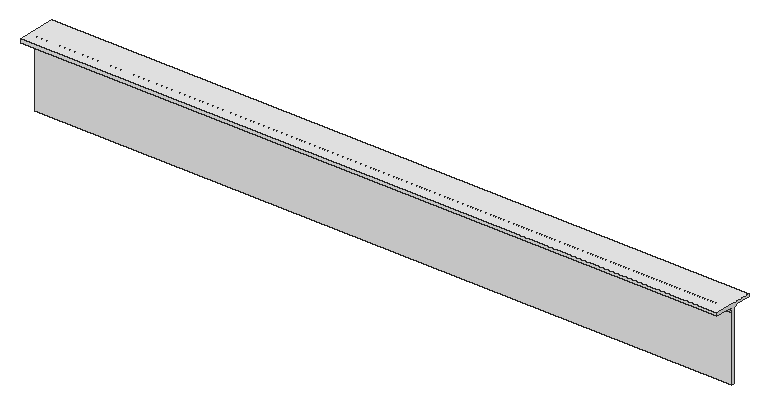
Revit family "M_MT Formas", category Quadro estrutural, Revit 2019
Family settings
  Arredondamento do comprimento do framing estrutural = 0.10 mm
  Forma do corte = Flange paralelo dividido em I
  Material para o comportamento do modelo = Aço
  Exportar sempre como geometria = Não
  Family Name Key = M_MT Shapes
  Nome do código = AISC 14.1
  Número OmniClass = 23.25.30.11.14.14
  Título OmniClass = Beams
  ID de item do Seek = MT-Shapes-0000-CAN-ENU
  Sempre na vertical = Sim
  Corte com vazios quando carregada = Não
  Representação simbólica = Das configurações de projeto
  Compartilhado = Não
  Exibir o pré-corte da família na vista da planta = Sim
Parameters (values of type "MT125X6.7")
  Largura = 68.30 mm
  Espessura da teia = 3.99 mm
  Concordância da teia = 9.07 mm
  Constante da empena = 3710000.0 mm6
  Momento de inércia de torção = 6490.00 mm4
  Structural Material [instance] = Aço, 45-345
  Section Name Key = ""
  Área de corte = 858.0 mm²
  Eixo fraco do módulo plástico = 6600.0 mm³
  Eixo forte do módulo plástico = 29700.0 mm³
  Peso nominal = 6.70 kgf/m
  Eixo fraco do momento de inércia = 140000.00 mm4
  Eixo forte do momento de inércia = 1440000.00 mm4
  Altura = 127.00 mm
  Espessura do flange = 5.23 mm
  Eixo fraco do módulo de elasticidade = 4100.0 mm³
  Eixo forte do módulo de elasticidade = 16400.0 mm³
  Centróide vertical = 87.90 mm
  Centróide horizontal = Largura / 2  # 34.15 mm
  Bolt Spacing = 0 mm
  Assembly Code = ""
  Length [instance] = 1500.00 mm
Types (2, lengths in mm): name | Largura | Espessura da teia | Concordância da teia | Constante da empena | Momento de inércia de torção | Área de corte | Eixo fraco do módulo plástico | Eixo forte do módulo plástico | Peso nominal | Eixo fraco do momento de inércia | Eixo forte do momento de inércia | Altura | Espessura do flange | Eixo fraco do módulo de elasticidade | Eixo forte do módulo de elasticidade | Centróide vertical | Centróide horizontal
  MT125X6.7 | 68.30 | 3.99 | 9.07 | 3710000.0 mm6 | 6490.00 mm4 | 858.0 mm² | 6600.0 mm³ | 29700.0 mm³ | 6.70 kgf/m | 140000.00 mm4 | 1440000.00 mm4 | 127.00 | 5.23 | 4100.0 mm³ | 16400.0 mm³ | 87.90 | 34.15
  MT155X8.8 | 78.00 | 4.50 | 8.58 | 9050000.0 mm6 | 10400.00 mm4 | 1120.0 mm² | 9420.0 mm³ | 47400.0 mm³ | 8.80 kgf/m | 226000.00 mm4 | 2750000.00 mm4 | 152.00 | 5.72 | 5800.0 mm³ | 26400.0 mm³ | 104.00 | 39.00
Reference planes
  plane 1 "Centro (Frente/Trás)": y = 0
  plane 2: z = 0
  plane 3 "Centro (Esquerda/Direita)": x = 4.61
  plane 4 "Membro esquerdo": x = -604.99
  plane 5 "Membro direito": x = 614.21
  plane 6: y = 34.15
  plane 7: y = -34.15
  plane 8 "Esquerda": x = -757.39
  plane 9 "Direita": x = 742.61
  plane 10: z = 39.1
  plane 11: z = -87.9
Forms (mm)
  Sweep 1, solid, material "Aço, 45-345" <- "Structural Material", detail levels medium
    path origin (0, 0, 0) x (1, 0, 0) y (0, 1, 0)
      loop
        line (614.21, 0) -> (-604.99, 0)
    profile "M_T estrutural-Perfil-Médio : M_T estrutural-Perfil-Médio" origin (4.61, 0, 0) x (0, -1, 0) y (0, 0, 1)
      loop
        line (-34.15, 39.1) -> (-34.15, 33.87) -> (-1.995, 33.87) -> (-1.995, -87.9) -> (1.995, -87.9) -> (1.995, 33.87) -> (34.15, 33.87) -> (34.15, 39.1) -> (-34.15, 39.1)
  Sweep 2, solid, material "Aço, 45-345" <- "Structural Material", detail levels fine
    path origin (0, 0, 0) x (1, 0, 0) y (0, 1, 0)
      loop
        line (614.21, 0) -> (-604.99, 0)
    profile "M_T estrutural-Perfil-Alto : M_T estrutural-Perfil-Alto" origin (4.61, 0, 0) x (0, -1, 0) y (0, 0, 1)
      loop
        line (-34.15, 39.1) -> (-34.15, 33.87) -> (-11.065, 33.87)
        arc (-11.065, 33.87) -> (-4.652, 31.213) -> (-1.995, 24.8) r 9.07
        line (-1.995, 24.8) -> (-1.995, -87.9) -> (1.995, -87.9) -> (1.995, 24.8)
        arc (1.995, 24.8) -> (4.652, 31.213) -> (11.065, 33.87) r 9.07
        line (11.065, 33.87) -> (34.15, 33.87) -> (34.15, 39.1) -> (-34.15, 39.1)
Lines and regions (mm)
  symbolic lines, style "Faces ocultas", detail levels medium+fine
    curve 1: line (614.21, -1.995, 0) -> (-604.99, -1.995, 0)
    curve 2: line (614.21, 1.995, 0) -> (-604.99, 1.995, 0)
  symbolic lines, style "Símbolos de vara", detail levels coarse
    curve 3: line (4.61, 34.15, 39.1) -> (4.61, -34.15, 39.1)
    curve 4: line (4.61, 0, 39.1) -> (4.61, 0, -87.9)
Dimensions and locks
  "Largura": plane 6 to plane 7
  equal spacing: plane 6, plane 1 "Centro (Frente/Trás)", plane 7
  "Length": plane 8 "Esquerda" to plane 9 "Direita"
  "Altura": plane 10 to plane 11
  "Centróide vertical": level to plane 11
  equal spacing: curve 2, plane 1 "Centro (Frente/Trás)", curve 1
  "Espessura da teia": curve 2 to curve 1
  aligned and locked: Sweep 1 sketch curve to plane 1 "Centro (Frente/Trás)"
  aligned and locked: Sweep 2 sketch curve to plane 1 "Centro (Frente/Trás)"
  aligned and locked: Sweep 2 to curve 3  (x2)
  aligned and locked: curve 4 to Sweep 1
  aligned and locked: curve 3 to Sweep 2
  aligned and locked: plane 4 "Membro esquerdo" to Sweep 2 sketch curve
  aligned and locked: plane 5 "Membro direito" to Sweep 2 sketch curve
  aligned and locked: plane 4 "Membro esquerdo" to Sweep 1 sketch curve
  aligned and locked: plane 5 "Membro direito" to Sweep 1 sketch curve
  aligned and locked: plane 4 "Membro esquerdo" to curve 2
  aligned and locked: plane 4 "Membro esquerdo" to curve 1
  aligned and locked: plane 5 "Membro direito" to curve 1
  aligned and locked: plane 5 "Membro direito" to curve 2
  aligned and locked: curve 4 to plane 1 "Centro (Frente/Trás)"
  aligned and locked: plane 10 to curve 4
Types in the file's own list only (12): name | Largura | Espessura da teia | Concordância da teia | Constante da empena | Momento de inércia de torção | Chave do nome do corte | Área de corte | Eixo fraco do módulo plástico | Eixo forte do módulo plástico | Peso nominal | Eixo fraco do momento de inércia | Eixo forte do momento de inércia | Altura | Espessura do flange | Eixo fraco do módulo de elasticidade | Eixo forte do módulo de elasticidade | Centróide vertical | Centróide horizontal | Espaçamento do parafuso
  MT159X9.70 | 95.30 mm | 3.94 mm | 8.51 mm | 7630000.0 mm6 | 10200.00 mm4 | MT 6.25X6.2 | 1170.0 mm² | 13700.0 mm³ | 47900.0 mm³ | 9.70 kgf/m | 416000.00 mm4 | 3030000.00 mm4 | 159.00 mm | 5.79 mm | 8780.0 mm³ | 26400.0 mm³ | 114.80 mm | 47.65 mm | 0.0 mm
  MT159X8.65 | 88.90 mm | 3.94 mm | 8.94 mm | 7200000.0 mm6 | 8570.00 mm4 | MT 6.25X5.8 | 1100.0 mm² | 11200.0 mm³ | 46900.0 mm³ | 8.65 kgf/m | 315000.00 mm4 | 2890000.00 mm4 | 159.00 mm | 5.36 mm | 7080.0 mm³ | 25700.0 mm³ | 112.30 mm | 44.45 mm | 0.0 mm
  MT155X8.05 | 78.00 mm | 4.06 mm | 8.97 mm | 6710000.0 mm6 | 8160.00 mm4 | MT 6X5.4 | 1030.0 mm² | 8720.0 mm³ | 43100.0 mm³ | 8.05 kgf/m | 211000.00 mm4 | 2510000.00 mm4 | 152.00 mm | 5.33 mm | 5410.0 mm³ | 23900.0 mm³ | 104.80 mm | 39.00 mm | 0.0 mm
  MT155X7.45 | 82.60 mm | 3.78 mm | 8.13 mm | 5420000.0 mm6 | 6040.00 mm4 | MT 6X5 | 955.0 mm² | 8340.0 mm³ | 40100.0 mm³ | 7.45 kgf/m | 215000.00 mm4 | 2340000.00 mm4 | 152.00 mm | 4.57 mm | 5210.0 mm³ | 22300.0 mm³ | 104.80 mm | 41.30 mm | 0.0 mm
  MT125X5.95 | 68.30 mm | 3.58 mm | 9.68 mm | 2660000.0 mm6 | 4660.00 mm4 | MT 5X4 | 768.0 mm² | 5800.0 mm³ | 26400.0 mm³ | 5.95 kgf/m | 123000.00 mm4 | 1280000.00 mm4 | 126.00 mm | 4.62 mm | 3610.0 mm³ | 14700.0 mm³ | 87.40 mm | 34.15 mm | 0.0 mm
  MT125X5.6 | 68.30 mm | 3.30 mm | 6.71 mm | 2130000.0 mm6 | 3880.00 mm4 | MT 5X3.75 | 716.0 mm² | 5470.0 mm³ | 24700.0 mm³ | 5.60 kgf/m | 117000.00 mm4 | 1210000.00 mm4 | 127.00 mm | 4.39 mm | 3420.0 mm³ | 13700.0 mm³ | 88.60 mm | 34.15 mm | 0.0 mm
  MT100X4.85 | 57.90 mm | 3.43 mm | 9.50 mm | 1240000.0 mm6 | 3820.00 mm4 | MT 4X3.25 | 619.0 mm² | 4330.0 mm³ | 16600.0 mm³ | 4.85 kgf/m | 78300.00 mm4 | 653000.00 mm4 | 102.00 mm | 4.80 mm | 2700.0 mm³ | 9140.0 mm³ | 72.00 mm | 28.95 mm | 0.0 mm
  MT100X4.6 | 57.90 mm | 3.28 mm | 6.60 mm | 1080000.0 mm6 | 3240.00 mm4 | MT 4X3.1 | 588.0 mm² | 4050.0 mm³ | 15800.0 mm³ | 4.60 kgf/m | 73300.00 mm4 | 624000.00 mm4 | 102.00 mm | 4.50 mm | 2520.0 mm³ | 8730.0 mm³ | 72.00 mm | 28.95 mm | 0.0 mm
  MT75X3.3 | 46.70 mm | 2.90 mm | 5.19 mm | 333000.0 mm6 | 2060.00 mm4 | MT 3X2.2 | 417.0 mm² | 2540.0 mm³ | 7910.0 mm³ | 3.30 kgf/m | 37300.00 mm4 | 241000.00 mm4 | 76.20 mm | 4.34 mm | 1590.0 mm³ | 4390.0 mm³ | 54.80 mm | 23.35 mm | 0.0 mm
  MT75X2.75 | 50.80 mm | 2.49 mm | 4.67 mm | 202000.0 mm6 | 1100.00 mm4 | MT 3X1.85 | 352.0 mm² | 2230.0 mm³ | 6700.0 mm³ | 2.75 kgf/m | 35900.00 mm4 | 201000.00 mm4 | 75.20 mm | 3.28 mm | 1410.0 mm³ | 3700.0 mm³ | 54.20 mm | 25.40 mm | 0.0 mm
  MT65X14.05 | 127.00 mm | 8.03 mm | 10.10 mm | 19700000.0 mm6 | 64900.00 mm4 | MT 2.5X9.45 | 1790.0 mm² | 43600.0 mm³ | 16900.0 mm³ | 14.10 kgf/m | 1810000.00 mm4 | 437000.00 mm4 | 63.50 mm | 10.60 mm | 28500.0 mm³ | 8650.0 mm³ | 50.50 mm | 63.50 mm | 69.9 mm
  MT50X4.45 | 96.50 mm | 3.30 mm | 8.64 mm | 518000.0 mm6 | 3830.00 mm4 | MT 2X3 | 565.0 mm² | 9640.0 mm³ | 3950.0 mm³ | 4.45 kgf/m | 305000.00 mm4 | 86600.00 mm4 | 48.30 mm | 4.06 mm | 6310.0 mm³ | 2180.0 mm³ | 39.64 mm | 48.25 mm | 0.0 mm
